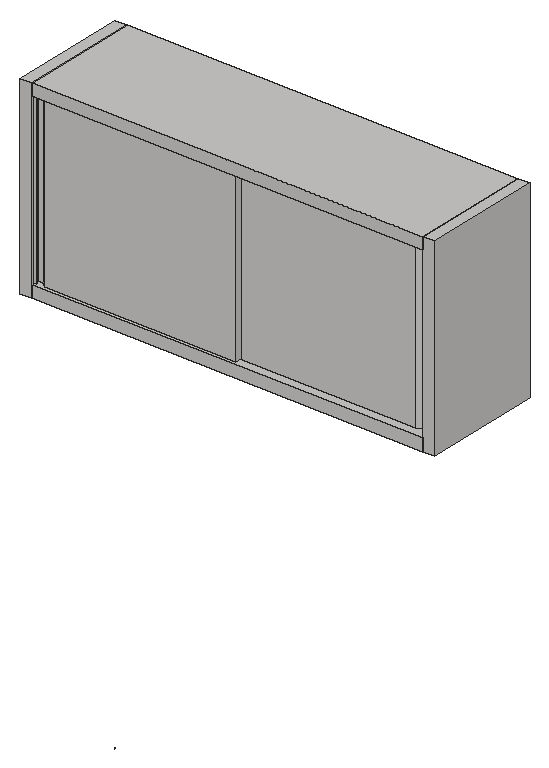
Revit family "QF_ELECTROLUXPROFESSIONAL_133120_PS1400EN", category Attrezzature speciali, Revit 2020
Family settings
  Quota connettore circolare = Usa diametro
  Tipo di parte = Normale
  Basato su piano di lavoro = No
  Sempre verticale = Sì
  Taglio con vuoti quando caricato = No
  Condiviso = No
  Punto di calcolo locali = No
Parameters (values of type "Standard")
  Weight = 31.00 kg
  Watts = 0 W
  Volts = 0 V
  URL Manufacturer = "https://www.electroluxprofessional.com/"
  URL = "https://www.electroluxprofessional.com/"
  Steam Supply Size = 0 mm
  Steam Supply Minimum Pressure = 0.0 Pa
  Steam Supply Maximum Pressure = 0.0 Pa
  Steam Consumption per Hour = 0
  Refrigeration Suction Line Size = 0.0 mm
  Refrigeration Liquid Line Size = 0.0 mm
  Refrigerant Compressor Remote = yes
  Prospetto di default = 0.0 mm
  Phase = 0
  Modello = "PS1400EN"
  Produttore = "Electrolux Professional"
  Length Actual = 1400.0 mm  # constant formula
  Item Number = "133120"
  Hot Water Size = 0 mm
  Height Actual = 650.0 mm  # constant formula
  HP = "0 HP"
  Gas Size = 0 mm
  Gas KW = 0
  Gas Input Pressure = 0 W
  Direct Waste Size = 0 mm
  Descrizione = "WALL CUPBOARD W/2 SLIDING DOORS 1400 MM"
  Depth Actual = 400.0 mm  # constant formula
  Cycle = 0 Hz
  Condensate Return Size = 0 mm
  Compressed Air Volume = 0.0 L/s
  Compressed Air Size = 0 mm
  Compressed Air Pressure = 0.0 Pa
  Cold Water Size = 0 mm
  Accessory = yes
Reference planes
  plane 1 "Center (Front/Back)": y = 0
  plane 2: z = 0
  plane 3 "Center (Left/Right)": x = -300
  plane 4 "LEFT": x = -1000
  plane 5 "RIGHT": x = 400
  plane 6 "BACK": y = 200
  plane 7 "FRONT": y = -200
  plane 8 "Base": z = 2200
  plane 9 "BASE": z = 1550
  plane 10: x = -960
  plane 11: x = 360
  plane 12: y = -197
  plane 13: y = 150
  plane 14: y = 197
Forms (mm)
  Extrusion 1, solid, material "QF_Finishes_Stainless Steel"
    sketch origin (0, 0, 1550) x (-1, 0, 0) y (0, -1, 0)
      loop
        line (1000, -200) -> (1000, 200) -> (960, 200) -> (960, -200) -> (1000, -200)
      loop
        line (-360, -200) -> (-360, 200) -> (-400, 200) -> (-400, -200) -> (-360, -200)
    from 0 to 650
  Extrusion 2, solid, material "QF_Finishes_Stainless Steel"
    sketch origin (0, 0, 1550) x (-1, 0, 0) y (0, -1, 0)
      loop
        line (960, 200) -> (-360, 200) -> (-360, -200) -> (960, -200) -> (960, 200)
    from 0 to 40
  Extrusion 3, solid, material "QF_Finishes_Stainless Steel"
    sketch origin (0, 0, 0) x (1, 0, 0) y (0, 1, 0)
      loop
        line (-960, -200) -> (360, -200) -> (360, 200) -> (-960, 200) -> (-960, -200)
    from 2160 to 2200
  Extrusion 4, solid, material "QF_Finishes_Stainless Steel"
    sketch origin (0, 0, 0) x (1, 0, 0) y (0, 1, 0)
      loop
        line (-273.481, -197) -> (-273.481, -177) -> (-957, -177) -> (-957, -197) -> (-947, -197) -> (-947, -194) -> (-954, -194) -> (-954, -182) -> (-937, -182) -> (-917, -197) -> (-273.481, -197)
    from 1597 to 2160
  Extrusion 5, solid, material "QF_Finishes_Stainless Steel"
    sketch origin (0, 0, 0) x (1, 0, 0) y (0, 1, 0)
      loop
        line (-326.5, -177) -> (317, -177) -> (337, -162) -> (354, -162) -> (354, -174) -> (347, -174) -> (347, -177) -> (357, -177) -> (357, -157) -> (-326.5, -157) -> (-326.5, -177)
    from 2160 to 1597
  Extrusion 6, solid, material "QF_Finishes_Stainless Steel"
    sketch origin (0, 0, 0) x (1, 0, 0) y (0, 1, 0)
      loop
        line (-273.481, 197) -> (-917, 197) -> (-937, 182) -> (-954, 182) -> (-954, 194) -> (-947, 194) -> (-947, 197) -> (-957, 197) -> (-957, 177) -> (-273.481, 177) -> (-273.481, 197)
    from 1597 to 2160
  Extrusion 7, solid, material "QF_Finishes_Stainless Steel"
    sketch origin (0, 0, 0) x (1, 0, 0) y (0, 1, 0)
      loop
        line (-326.5, 177) -> (-326.5, 157) -> (357, 157) -> (357, 177) -> (347, 177) -> (347, 174) -> (354, 174) -> (354, 162) -> (337, 162) -> (317, 177) -> (-326.5, 177)
    from 2160 to 1597
  Extrusion 8, solid, material "QF_Finishes_Stainless Steel"
    sketch origin (0, 0, 0) x (1, 0, 0) y (0, 1, 0)
      loop
        line (-1000, 200) -> (-1000, 199) -> (-999, 199) -> (-999, 200) -> (-1000, 200)
    from 0 to 1
Lines and regions (mm)
  symbolic lines, style "SpecialityEquipmentHiddenLines"
    curve 1: line (357, -157, 0) -> (-326.5, -157, 0)
    curve 2: line (-326.5, -157, 0) -> (-326.5, -177, 0)
    curve 3: line (317, -177, 0) -> (-957, -177, 0)
    curve 4: line (-273.5, -177, 0) -> (-273.5, -197, 0)
    curve 5: line (-957, -177, 0) -> (-957, -197, 0)
    curve 6: line (-937, -182, 0) -> (-954, -182, 0)
    curve 20: line (357, 157, 0) -> (-326.5, 157, 0)
    curve 21: line (-326.5, 157, 0) -> (-326.5, 177, 0)
    curve 22: line (317, 177, 0) -> (-957, 177, 0)
    curve 23: line (-273.5, 177, 0) -> (-273.5, 197, 0)
    curve 24: line (-957, 177, 0) -> (-957, 197, 0)
    curve 39: line (-917, -197, 0) -> (-273.5, -197, 0)
    curve 40: line (-957, -197, 0) -> (-947, -197, 0)
    curve 41: line (-947, 197, 0) -> (-957, 197, 0)
    curve 42: line (-917, 197, 0) -> (-273.5, 197, 0)
    curve 43: line (-917, 197, 0) -> (-937, 182, 0)
    curve 44: line (-937, 182, 0) -> (-954, 182, 0)
  symbolic lines
    curve 7: line (-1000, 200, 0) -> (400, -200, 0)
    curve 8: line (400, 200, 0) -> (-1000, -200, 0)
    curve 9: line (-937, -182, 0) -> (-917, -197, 0)
    curve 10: line (-954, -182, 0) -> (-954, -194, 0)
    curve 11: line (-954, -194, 0) -> (-947, -194, 0)
    curve 12: line (-947, -194, 0) -> (-947, -197, 0)
    curve 13: line (357, -157, 0) -> (357, -177, 0)
    curve 14: line (357, -177, 0) -> (347, -177, 0)
    curve 15: line (347, -177, 0) -> (347, -174, 0)
    curve 16: line (347, -174, 0) -> (354, -174, 0)
    curve 17: line (354, -174, 0) -> (354, -162, 0)
    curve 18: line (354, -162, 0) -> (337, -162, 0)
    curve 19: line (317, -177, 0) -> (337, -162, 0)
    curve 25: line (-954, 182, 0) -> (-954, 194, 0)
    curve 26: line (-954, 194, 0) -> (-947, 194, 0)
    curve 27: line (-947, 194, 0) -> (-947, 197, 0)
    curve 28: line (357, 157, 0) -> (357, 177, 0)
    curve 29: line (357, 177, 0) -> (347, 177, 0)
    curve 30: line (347, 177, 0) -> (347, 174, 0)
    curve 31: line (347, 174, 0) -> (354, 174, 0)
    curve 32: line (354, 174, 0) -> (354, 162, 0)
    curve 33: line (354, 162, 0) -> (337, 162, 0)
    curve 34: line (317, 177, 0) -> (337, 162, 0)
    curve 35: line (-1000, 200, 0) -> (400, 200, 0)
    curve 36: line (-1000, -200, 0) -> (-1000, 200, 0)
    curve 37: line (400, -200, 0) -> (-1000, -200, 0)
    curve 38: line (400, 200, 0) -> (400, -200, 0)
Dimensions and locks
  plane 4 "LEFT" to plane 5 "RIGHT" = 1400.0 mm
  equal spacing: plane 4 "LEFT", plane 3 "Center (Left/Right)", plane 5 "RIGHT"
  plane 6 "BACK" to plane 7 "FRONT" = 400.0 mm
  equal spacing: plane 6 "BACK", plane 1 "Center (Front/Back)", plane 7 "FRONT"
  plane 9 "BASE" to level = 1550.0 mm
  locked: plane 4 "LEFT" to plane 10 at 40
  locked: plane 11 to plane 5 "RIGHT" at 40
  plane 12 to plane 7 "FRONT" = 3.0 mm
  plane 6 "BACK" to plane 13 = 50.0 mm
  locked: plane 8 "Base" to plane 9 "BASE" at 650
  aligned and locked: level to plane 2
  aligned and locked: plane 8 "Base" to Extrusion 1
  aligned and locked: plane 6 "BACK" to Extrusion 1 sketch curve
  aligned and locked: Extrusion 1 sketch curve to plane 6 "BACK"
  aligned and locked: plane 7 "FRONT" to Extrusion 1 sketch curve
  aligned and locked: Extrusion 1 sketch curve to plane 7 "FRONT"
  aligned and locked: plane 10 to Extrusion 1
  aligned and locked: Extrusion 1 to plane 11
  aligned and locked: Extrusion 2 to plane 10
  aligned and locked: plane 11 to Extrusion 2
  aligned and locked: plane 8 "Base" to Extrusion 3
  aligned and locked: Extrusion 3 to plane 7 "FRONT"
  aligned and locked: Extrusion 2 to plane 7 "FRONT"
  aligned and locked: curve 43 to Extrusion 6
  aligned and locked: curve 44 to Extrusion 6
Automatic sketch dimensions
  Extrusion 1 sketch curve to plane 5 "RIGHT" = 0.0 mm
  Extrusion 1 sketch curve to plane 11 = 0.0 mm
  Extrusion 1 sketch curve to plane 10 = 0.0 mm
  Extrusion 1 sketch curve to plane 4 "LEFT" = 0.0 mm
  Extrusion 3 sketch curve to plane 10 = 0.0 mm
  Extrusion 3 sketch curve to plane 11 = 0.0 mm
  Extrusion 3 sketch curve to plane 12 = 3.0 mm
  Extrusion 3 sketch curve to plane 14 = 3.0 mm
  Extrusion 4 sketch curve to plane 12 = 0.0 mm  (x2)
  plane 10 to Extrusion 4 sketch curve = 3.0 mm
  Extrusion 4 sketch curve to Extrusion 4 sketch curve = 3.0 mm
  Extrusion 4 sketch curve to Extrusion 4 sketch curve = 7.0 mm
  Extrusion 4 sketch curve to Extrusion 4 sketch curve = 10.0 mm
  plane 3 "Center (Left/Right)" to Extrusion 4 sketch curve = 26.519 mm
  plane 12 to Extrusion 4 sketch curve = 3.0 mm
  Extrusion 4 sketch curve to Extrusion 4 sketch curve = 12.0 mm
  Extrusion 4 sketch curve to Extrusion 4 sketch curve = 20.0 mm  (x2)
  Extrusion 4 sketch curve to Extrusion 4 sketch curve = 0.0 mm
  Extrusion 5 sketch curve to plane 3 "Center (Left/Right)" = 26.5 mm
  plane 12 to Extrusion 5 sketch curve = 20.0 mm  (x2)
  Extrusion 5 sketch curve to plane 11 = 43.0 mm
  Extrusion 5 sketch curve to plane 11 = 23.0 mm
  Extrusion 5 sketch curve to plane 11 = 13.0 mm
  Extrusion 5 sketch curve to plane 11 = 6.0 mm
  Extrusion 5 sketch curve to plane 11 = 3.0 mm
  Extrusion 5 sketch curve to Extrusion 5 sketch curve = 3.0 mm
  Extrusion 5 sketch curve to Extrusion 5 sketch curve = 12.0 mm
  Extrusion 5 sketch curve to Extrusion 5 sketch curve = 20.0 mm
  plane 14 to Extrusion 6 sketch curve = 0.0 mm  (x2)
  Extrusion 6 sketch curve to plane 10 = 3.0 mm
  Extrusion 6 sketch curve to Extrusion 6 sketch curve = 3.0 mm
  Extrusion 6 sketch curve to Extrusion 6 sketch curve = 7.0 mm
  Extrusion 6 sketch curve to Extrusion 6 sketch curve = 10.0 mm
  Extrusion 6 sketch curve to plane 3 "Center (Left/Right)" = 26.519 mm
  Extrusion 6 sketch curve to plane 14 = 3.0 mm
  Extrusion 6 sketch curve to Extrusion 6 sketch curve = 12.0 mm
  Extrusion 6 sketch curve to Extrusion 6 sketch curve = 20.0 mm  (x2)
  Extrusion 6 sketch curve to Extrusion 6 sketch curve = 0.0 mm
  plane 3 "Center (Left/Right)" to Extrusion 7 sketch curve = 26.5 mm
  Extrusion 7 sketch curve to plane 14 = 20.0 mm  (x2)
  plane 11 to Extrusion 7 sketch curve = 43.0 mm
  plane 11 to Extrusion 7 sketch curve = 23.0 mm
  plane 11 to Extrusion 7 sketch curve = 13.0 mm
  plane 11 to Extrusion 7 sketch curve = 6.0 mm
  plane 11 to Extrusion 7 sketch curve = 3.0 mm
  Extrusion 7 sketch curve to Extrusion 7 sketch curve = 3.0 mm
  Extrusion 7 sketch curve to Extrusion 7 sketch curve = 12.0 mm
  plane 13 to Extrusion 7 sketch curve = 7.0 mm
  Extrusion 8 sketch curve to plane 6 "BACK" = 0.0 mm
  Extrusion 8 sketch curve to plane 4 "LEFT" = 0.0 mm
  plane 4 "LEFT" to Extrusion 8 sketch curve = 1.0 mm
  Extrusion 8 sketch curve to plane 6 "BACK" = 1.0 mm
  curve 37 to plane 4 "LEFT" = 0.0 mm
  curve 5 to plane 12 = 0.0 mm
  plane 14 to curve 24 = 0.0 mm
  curve 39 to plane 12 = 0.0 mm
  curve 38 to plane 5 "RIGHT" = 0.0 mm
  curve 7 to plane 7 "FRONT" = 0.0 mm
  curve 7 to plane 6 "BACK" = 0.0 mm
  plane 10 to curve 24 = 3.0 mm
  plane 10 to curve 5 = 3.0 mm
  curve 24 to curve 25 = 3.0 mm
  curve 3 to curve 6 = 3.0 mm
  plane 12 to curve 12 = 3.0 mm
  curve 10 to curve 12 = 7.0 mm
  curve 25 to curve 27 = 7.0 mm
  curve 12 to curve 39 = 30.0 mm
  curve 1 to plane 3 "Center (Left/Right)" = 26.5 mm
  curve 20 to plane 13 = 7.0 mm
  curve 20 to plane 3 "Center (Left/Right)" = 26.5 mm
  plane 3 "Center (Left/Right)" to curve 23 = 26.5 mm
  plane 3 "Center (Left/Right)" to curve 39 = 26.5 mm
  plane 12 to curve 3 = 20.0 mm
  curve 3 to plane 11 = 43.0 mm
  curve 34 to plane 11 = 43.0 mm
  curve 34 to plane 11 = 23.0 mm
  curve 18 to plane 11 = 23.0 mm
  curve 14 to plane 11 = 13.0 mm
  curve 29 to plane 11 = 13.0 mm
  curve 32 to plane 11 = 6.0 mm
  curve 17 to plane 11 = 6.0 mm
  curve 29 to plane 11 = 3.0 mm
  curve 13 to plane 11 = 3.0 mm
  curve 6 to curve 3 = 5.0 mm
  plane 12 to curve 13 = 20.0 mm
  curve 14 to curve 16 = 3.0 mm
  curve 15 to curve 19 = 12.0 mm
  curve 2 to curve 2 = 20.0 mm
  curve 20 to curve 33 = 5.0 mm
  curve 32 to curve 31 = 12.0 mm
  curve 31 to curve 28 = 3.0 mm
  plane 14 to curve 26 = 3.0 mm
  plane 12 to curve 9 = 15.0 mm
  Extrusion 2 sketch curve to plane 7 "FRONT" = 0.0 mm
  Extrusion 2 sketch curve to plane 6 "BACK" = 0.0 mm
  Extrusion 2 sketch curve to plane 11 = 0.0 mm
  Extrusion 2 sketch curve to plane 10 = 0.0 mm
  plane 14 to curve 42 = 0.0 mm
  curve 22 to curve 25 = 5.0 mm
